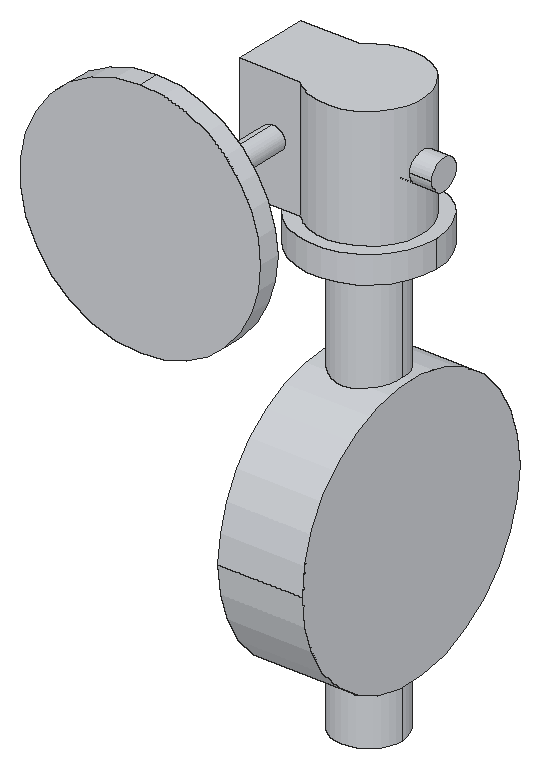
Revit family "HS497-68_disk-nerez_převodové kolo DN125-RFA_2018", category Pipe Accessories, Revit 2018
Family settings
  Round Connector Dimension = Use Diameter
  Part Type = Valve - Breaks Into
  Work Plane-Based = No
  Always vertical = Yes
  Cut with Voids When Loaded = No
  Shared = No
Parameters (values of type "HS 497-68_DN125_PN16_převodové kolo")
  magiProductId = "c56b7c13f372467684996fb1e0e229"
  magiProductFamilyId = "53cea81e6f374d17b8841d9c72ad77"
  magiPartTypeId = 305
  isMeasuringValve [instance] = no
  ang2D [instance] = 0.00°
  X11 = 61.456 mm
  X1 = 25.456 mm
  W2D = 1000 mm
  VersionID = "2.0/2017.9.26.1/ZETKAMA_497_001"
  Use Minimum Symbol Size [instance] = yes
  URL = "http://www.hydronic.cz"
  Type Comments = "mezipřírubová; nerezový disk; PN16; -10~+110°C (krátkodobě +120°C)"
  SW30 = yes
  SW3 = yes
  SW21 = no
  SW20 = no
  SW2 = no
  SW1 = no
  R = 62.5 mm
  QmdConnectorList = "301;D;302;D"
  Productdata [instance] = ""
  NC = 50 mm
  Manufacturer = "Hydronic Systems Prague s.r.o."
  MM20 = 25.456 mm
  MC Product Code = "126125 (nerezový disk, s převodovým kolem; DN125; PN16, kvs872)"
  M41 = 65.25 mm
  M4 = 43.5 mm
  LHL = 220 mm
  LHH3 = 2.45 mm
  LHH1 = 46.55 mm
  LH1 = 73.333 mm
  L4R__ve = -L4R  # -13.5 mm
  L4R = 13.5 mm
  L42__ve = -L42  # -101.25 mm
  L42 = 101.25 mm
  L41__ve = -L41  # -20.25 mm
  L41 = 20.25 mm
  L2D_Min = 3048 mm
  L2D = 216 mm
  L2 = 28 mm
  L1 = 44.8 mm
  L = 56 mm
  H = 33 mm
  G22 = 11.25 mm
  G2 = 22.5 mm
  G1 = 90 mm
  G = 90 mm
  F = 14 mm
  E44 = 40 mm
  E42 = 80 mm
  E4 = 160 mm
  E23 = 4.9 mm
  E22 = 19.6 mm
  E21 = 9.8 mm
  Description = "Mezipřírubová uzavírací klapka s převodovým kolem; nerezový disk, DN125; PN16; kvs872"
  DR2 = 62.5 mm
  DR = 180 mm
  DD1 = 20 mm
  DD = 16 mm
  D = 125 mm
  CAT0 = yes
  B2__ve = -B2  # -64 mm
  B2 = 64 mm
  A2 = 18 mm
  A1 = 99.5 mm
Types (43, lengths in mm): name | magiProductId | X11 | X1 | Type Comments | SW30 | SW3 | SW20 | SW2 | SW1 | R | NC | Manufacturer | MM20 | MC Product Code | M41 | M4 | LHL | LHH3 | LHH1 | LH1 | L4R__ve | L4R | L42__ve | L42 | L41__ve | L41 | L2 | L1 | L | H | G | F | E44 | E42 | E4 | E23 | E22 | E21 | Description | DR2 | DR | DD1 | DD | D | B2__ve | B2 | A2 | A1
  HS 497-68_DN100_PN16_volné vřeteno | "65d1b245f4f142c78569c0602d5754" | 61.456 | 25.456 | "mezipřírubová; nerezový disk; PN16; -10~+110°C (krátkodobě +120°C)" | no | no | no | no | yes | 50 | 50 | "Hydronic Systems Prague s.r.o." | 25.456 | "124 100 (nerezový disk, s volným vřetenem; DN100; PN16, kvs512)" | 66 | 44 | 220 | 2.45 | 46.55 | 73.333 | -12.8 | 12.8 | -96 | 96 | -19.2 | 19.2 | 26 | 41.6 | 52 | 30 | 90 | 11 | 31.25 | 62.5 | 125 | 4.9 | 19.6 | 9.8 | "Mezipřírubová uzavírací klapka s volným vřetenem; nerezový disk, DN100; PN16; kvs512" | 50 | 147 | 15.625 | 12.5 | 100 | -56 | 56 | 16.5 | 98.5
  HS 497-68_DN100_PN16_převodové kolo | "11e91b807e674d428c8e796fcdcfe2" | 61.456 | 25.456 | "mezipřírubová; nerezový disk; PN16; -10~+110°C (krátkodobě +120°C)" | yes | yes | no | no | no | 50 | 50 | "Hydronic Systems Prague s.r.o." | 25.456 | "126 100 (nerezový disk, s převodovým kolem; DN100; PN16, kvs512)" | 65.25 | 43.5 | 220 | 2.45 | 46.55 | 73.333 | -12.8 | 12.8 | -96 | 96 | -19.2 | 19.2 | 26 | 41.6 | 52 | 30 | 90 | 11 | 31.25 | 62.5 | 125 | 4.9 | 19.6 | 9.8 | "Mezipřírubová uzavírací klapka s převodovým kolem; nerezový disk, DN100; PN16; kvs512" | 50 | 147 | 15.625 | 12.5 | 100 | -56 | 56 | 16.5 | 98.5
  HS 497-68_DN100_PN16_s pákou | "28172f0b3f4b47b28323ac71cf8749" | 61.456 | 25.456 | "mezipřírubová; nerezový disk; PN16; -10~+110°C (krátkodobě +120°C)" | no | no | yes | yes | no | 50 | 50 | "Hydronic Systems Prague s.r.o." | 25.456 | "121 100 (nerezový disk, s pákou; DN100; PN16, kvs512)" | 66 | 44 | 260 | 3 | 57 | 86.667 | -12.8 | 12.8 | -96 | 96 | -19.2 | 19.2 | 26 | 41.6 | 52 | 30 | 90 | 11 | 31.25 | 62.5 | 125 | 6 | 24 | 12 | "Mezipřírubová uzavírací klapka s pákou; nerezový disk, DN100; PN16; kvs512" | 50 | 147 | 15.625 | 12.5 | 100 | -56 | 56 | 16.5 | 98.5
  HS 497-68_DN125_PN16_volné vřeteno | "0d813d910fc14f628bb3c2efbd185c" | 61.456 | 25.456 | "mezipřírubová; nerezový disk; PN16; -10~+110°C (krátkodobě +120°C)" | no | no | no | no | yes | 62.5 | 50 | "Hydronic Systems Prague s.r.o." | 25.456 | "124 125 (nerezový disk, s volným vřetenem; DN125; PN16, kvs872)" | 66 | 44 | 220 | 2.45 | 46.55 | 73.333 | -12.8 | 12.8 | -96 | 96 | -19.2 | 19.2 | 28 | 44.8 | 56 | 33 | 90 | 14 | 31.25 | 62.5 | 125 | 4.9 | 19.6 | 9.8 | "Mezipřírubová uzavírací klapka s volným vřetenem; nerezový disk, DN125; PN16; kvs872" | 62.5 | 180 | 15.625 | 12.5 | 125 | -64 | 64 | 18 | 99.5
  HS 497-68_DN125_PN16_převodové kolo | "c56b7c13f372467684996fb1e0e229" | 61.456 | 25.456 | "mezipřírubová; nerezový disk; PN16; -10~+110°C (krátkodobě +120°C)" | yes | yes | no | no | no | 62.5 | 50 | "Hydronic Systems Prague s.r.o." | 25.456 | "126125 (nerezový disk, s převodovým kolem; DN125; PN16, kvs872)" | 65.25 | 43.5 | 220 | 2.45 | 46.55 | 73.333 | -13.5 | 13.5 | -101.25 | 101.25 | -20.25 | 20.25 | 28 | 44.8 | 56 | 33 | 90 | 14 | 40 | 80 | 160 | 4.9 | 19.6 | 9.8 | "Mezipřírubová uzavírací klapka s převodovým kolem; nerezový disk, DN125; PN16; kvs872" | 62.5 | 180 | 20 | 16 | 125 | -64 | 64 | 18 | 99.5
  HS 497-68_DN125_PN16_s pákou | "105993c79a91492399feef7931321a" | 61.456 | 25.456 | "mezipřírubová; nerezový disk; PN16; -10~+110°C (krátkodobě +120°C)" | no | no | yes | yes | no | 62.5 | 50 | "Hydronic Systems Prague s.r.o." | 25.456 | "121 125 (nerezový disk, s pákou; DN125; PN16, kvs872)" | 66 | 44 | 315 | 3.75 | 71.25 | 105 | -12.8 | 12.8 | -96 | 96 | -19.2 | 19.2 | 28 | 44.8 | 56 | 33 | 90 | 14 | 31.25 | 62.5 | 125 | 7.5 | 30 | 15 | "Mezipřírubová uzavírací klapka s pákou; nerezový disk, DN125; PN16; kvs872" | 62.5 | 180 | 15.625 | 12.5 | 125 | -64 | 64 | 18 | 99.5
  HS 497-68_DN150_PN16_volné vřeteno | "50c80cb8ab434f55ab7796e5ac1331" | 61.456 | 25.456 | "mezipřírubová; nerezový disk; PN16; -10~+110°C (krátkodobě +120°C)" | no | no | no | no | yes | 75 | 50 | "Hydronic Systems Prague s.r.o." | 25.456 | "124 150 (nerezový disk, s volným vřetenem; DN150; PN16, kvs1347)" | 66 | 44 | 220 | 2.45 | 46.55 | 73.333 | -12.8 | 12.8 | -96 | 96 | -19.2 | 19.2 | 28 | 44.8 | 56 | 33 | 90 | 14 | 31.25 | 62.5 | 125 | 4.9 | 19.6 | 9.8 | "Mezipřírubová uzavírací klapka s volným vřetenem; nerezový disk, DN150; PN16; kvs1347" | 75 | 206 | 15.625 | 12.5 | 150 | -58 | 58 | 19.3 | 98.7
  HS 497-68_DN150_PN16_převodové kolo | "d94a1a0cf83b476eb10011b327f709" | 61.456 | 25.456 | "mezipřírubová; nerezový disk; PN16; -10~+110°C (krátkodobě +120°C)" | yes | yes | no | no | no | 75 | 50 | "Hydronic Systems Prague s.r.o." | 25.456 | "126 150 (nerezový disk, s převodovým kolem; DN150; PN16, kvs1347)" | 65.25 | 43.5 | 220 | 2.45 | 46.55 | 73.333 | -13.5 | 13.5 | -101.25 | 101.25 | -20.25 | 20.25 | 28 | 44.8 | 56 | 33 | 90 | 14 | 40 | 80 | 160 | 4.9 | 19.6 | 9.8 | "Mezipřírubová uzavírací klapka s převodovým kolem; nerezový disk, DN150; PN16; kvs1347" | 75 | 206 | 20 | 16 | 150 | -58 | 58 | 19.3 | 98.7
  HS 497-68_DN150_PN16_s pákou | "4d2835523fe84828bc50ff0a5a0dfb" | 61.456 | 25.456 | "mezipřírubová; nerezový disk; PN16; -10~+110°C (krátkodobě +120°C)" | no | no | yes | yes | no | 75 | 50 | "Hydronic Systems Prague s.r.o." | 25.456 | "121 150 (nerezový disk, s pákou; DN150; PN16, kvs1347)" | 66 | 44 | 315 | 3.75 | 71.25 | 105 | -12.8 | 12.8 | -96 | 96 | -19.2 | 19.2 | 28 | 44.8 | 56 | 33 | 90 | 14 | 31.25 | 62.5 | 125 | 7.5 | 30 | 15 | "Mezipřírubová uzavírací klapka s pákou; nerezový disk, DN150; PN16; kvs1347" | 75 | 206 | 15.625 | 12.5 | 150 | -58 | 58 | 19.3 | 98.7
  HS 497-68_DN200_PN16_volné vřeteno | "5b29029eaeba47139ee1055a4b9201" | 61.456 | 25.456 | "mezipřírubová; nerezový disk; PN16; -10~+110°C (krátkodobě +120°C)" | no | no | no | no | yes | 100 | 50 | "Hydronic Systems Prague s.r.o." | 25.456 | "124 200 (nerezový disk, s volným vřetenem; DN200; PN16, kvs2675)" | 66 | 44 | 220 | 2.45 | 46.55 | 73.333 | -12.8 | 12.8 | -96 | 96 | -19.2 | 19.2 | 30 | 48 | 60 | 33 | 90 | 17 | 31.25 | 62.5 | 125 | 4.9 | 19.6 | 9.8 | "Mezipřírubová uzavírací klapka s volným vřetenem; nerezový disk, DN200; PN16; kvs2675" | 100 | 257 | 15.625 | 12.5 | 200 | -70 | 70 | 22.5 | 102.5
  HS 497-68_DN200_PN16_převodové kolo | "b2793cc1fcc44cf2a35062cd67c04f" | 61.456 | 25.456 | "mezipřírubová; nerezový disk; PN16; -10~+110°C (krátkodobě +120°C)" | yes | yes | no | no | no | 100 | 57 | "Hydronic Systems Prague s.r.o." | 25.456 | "126 200 (nerezový disk, s převodovým kolem; DN200; PN16, kvs2675)" | 78.75 | 52.5 | 220 | 2.45 | 46.55 | 73.333 | -15.2 | 15.2 | -114 | 114 | -22.8 | 22.8 | 30 | 48 | 60 | 33 | 90 | 17 | 50 | 100 | 200 | 4.9 | 19.6 | 9.8 | "Mezipřírubová uzavírací klapka s převodovým kolem; nerezový disk, DN200; PN16; kvs2675" | 100 | 257 | 25 | 20 | 200 | -70 | 70 | 22.5 | 102.5
  HS 497-68_DN200_PN16_s pákou | "f88d96c7af224537a51e72d7d8fffe" | 61.456 | 25.456 | "mezipřírubová; nerezový disk; PN16; -10~+110°C (krátkodobě +120°C)" | no | no | yes | yes | no | 100 | 50 | "Hydronic Systems Prague s.r.o." | 25.456 | "121 200 (nerezový disk, s pákou; DN200; PN16, kvs2675)" | 66 | 44 | 315 | 3.75 | 71.25 | 105 | -12.8 | 12.8 | -96 | 96 | -19.2 | 19.2 | 30 | 48 | 60 | 33 | 90 | 17 | 31.25 | 62.5 | 125 | 7.5 | 30 | 15 | "Mezipřírubová uzavírací klapka s pákou; nerezový disk, DN200; PN16; kvs2675" | 100 | 257 | 15.625 | 12.5 | 200 | -70 | 70 | 22.5 | 102.5
  HS 497-68_DN250_PN16_volné vřeteno | "b662e8305ca2402b9c510e66e6aa55" | 88.77 | 36.77 | "mezipřírubová; nerezový disk; PN16; -10~+110°C (krátkodobě +120°C)" | no | no | no | no | yes | 125 | 50 | "Hydronic Systems Prague s.r.o." | 36.77 | "124 250 (nerezový disk, s volným vřetenem; DN250; PN16, kvs4555)" | 66 | 44 | 220 | 2.45 | 46.55 | 73.333 | -12.8 | 12.8 | -96 | 96 | -19.2 | 19.2 | 34 | 54.4 | 68 | 23 | 130 | 22 | 31.25 | 62.5 | 125 | 4.9 | 19.6 | 9.8 | "Mezipřírubová uzavírací klapka s volným vřetenem; nerezový disk, DN250; PN16; kvs4555" | 125 | 324 | 15.625 | 12.5 | 250 | -85 | 85 | 28.25 | 129.25
  HS 497-68_DN250_PN16_převodové kolo | "5ee9016806664ddfaa2632711f295c" | 88.77 | 36.77 | "mezipřírubová; nerezový disk; PN16; -10~+110°C (krátkodobě +120°C)" | yes | yes | no | no | no | 125 | 70 | "Hydronic Systems Prague s.r.o." | 36.77 | "126 250 (nerezový disk, s převodovým kolem; DN250; PN16, kvs4555)" | 91.5 | 61 | 220 | 2.45 | 46.55 | 73.333 | -22.2 | 22.2 | -166.5 | 166.5 | -33.3 | 33.3 | 34 | 54.4 | 68 | 23 | 130 | 22 | 62.5 | 125 | 250 | 4.9 | 19.6 | 9.8 | "Mezipřírubová uzavírací klapka s převodovým kolem; nerezový disk, DN250; PN16; kvs4555" | 125 | 324 | 31.25 | 25 | 250 | -85 | 85 | 28.25 | 129.25
  HS 497-68_DN300_PN16_volné vřeteno | "e1886f51ff004380a649519258edf2" | 88.77 | 36.77 | "mezipřírubová; nerezový disk; PN16; -10~+110°C (krátkodobě +120°C)" | no | no | no | no | yes | 150 | 50 | "Hydronic Systems Prague s.r.o." | 36.77 | "124 300 (nerezový disk, s volným vřetenem; DN300; PN16, kvs7037)" | 66 | 44 | 220 | 2.45 | 46.55 | 73.333 | -12.8 | 12.8 | -96 | 96 | -19.2 | 19.2 | 39 | 62.4 | 78 | 23 | 130 | 22 | 31.25 | 62.5 | 125 | 4.9 | 19.6 | 9.8 | "Mezipřírubová uzavírací klapka s volným vřetenem; nerezový disk, DN300; PN16; kvs7037" | 150 | 376 | 15.625 | 12.5 | 300 | -90 | 90 | 30.8 | 127.2
  HS 497-68_DN300_PN16_převodové kolo | "6860f094f77d42088fbebc3c97f755" | 88.77 | 36.77 | "mezipřírubová; nerezový disk; PN16; -10~+110°C (krátkodobě +120°C)" | yes | yes | no | no | no | 150 | 70 | "Hydronic Systems Prague s.r.o." | 36.77 | "126 300 (nerezový disk, s převodovým kolem; DN300; PN16, kvs7037)" | 91.5 | 61 | 220 | 2.45 | 46.55 | 73.333 | -22.2 | 22.2 | -166.5 | 166.5 | -33.3 | 33.3 | 39 | 62.4 | 78 | 23 | 130 | 22 | 62.5 | 125 | 250 | 4.9 | 19.6 | 9.8 | "Mezipřírubová uzavírací klapka s převodovým kolem; nerezový disk, DN300; PN16; kvs7037" | 150 | 376 | 31.25 | 25 | 300 | -90 | 90 | 30.8 | 127.2
  HS 497-68_DN032_PN16_volné vřeteno | "8c5f65de52aa4067a77564107e31b2" | 61.456 | 25.456 | "mezipřírubová; nerezový disk; PN16; -10~+110°C (krátkodobě +120°C)" | no | no | no | no | yes | 16 | 50 | "Hydronic Systems Prague s.r.o." | 25.456 | "124 032 (nerezový disk, s volným vřetenem; DN32; PN16, kvs78)" | 66 | 44 | 220 | 2.45 | 46.55 | 73.333 | -12.8 | 12.8 | -96 | 96 | -19.2 | 19.2 | 16.5 | 26.4 | 33 | 30 | 90 | 11 | 31.25 | 62.5 | 125 | 4.9 | 19.6 | 9.8 | "Mezipřírubová uzavírací klapka s volným vřetenem; nerezový disk, DN32; PN16; kvs78" | 16 | 68 | 15.625 | 12.5 | 32 | -44.2 | 44.2 | 10.25 | 76.25
  HS 497-68_DN032_PN16_převodové kolo | "60aaeffa8b3a4e809ef000e4660060" | 61.456 | 25.456 | "mezipřírubová; nerezový disk; PN16; -10~+110°C (krátkodobě +120°C)" | yes | yes | no | no | no | 16 | 50 | "Hydronic Systems Prague s.r.o." | 25.456 | "126 032 (nerezový disk, s převodovým kolem; DN32; PN16, kvs78)" | 65.25 | 43.5 | 220 | 2.45 | 46.55 | 73.333 | -12.8 | 12.8 | -96 | 96 | -19.2 | 19.2 | 16.5 | 26.4 | 33 | 30 | 90 | 11 | 31.25 | 62.5 | 125 | 4.9 | 19.6 | 9.8 | "Mezipřírubová uzavírací klapka s převodovým kolem; nerezový disk, DN32; PN16; kvs78" | 16 | 68 | 15.625 | 12.5 | 32 | -44.2 | 44.2 | 10.25 | 76.25
  HS 497-68_DN032_PN16_s pákou | "9ad8088d610749a1b871aa2aad8007" | 61.456 | 25.456 | "mezipřírubová; nerezový disk; PN16; -10~+110°C (krátkodobě +120°C)" | no | no | yes | yes | no | 16 | 50 | "Hydronic Systems Prague s.r.o." | 25.456 | "121 032 (nerezový disk, s pákou; DN32; PN16, kvs78)" | 66 | 44 | 220 | 2.45 | 46.55 | 73.333 | -12.8 | 12.8 | -96 | 96 | -19.2 | 19.2 | 16.5 | 26.4 | 33 | 30 | 90 | 11 | 31.25 | 62.5 | 125 | 4.9 | 19.6 | 9.8 | "Mezipřírubová uzavírací klapka s pákou; nerezový disk, DN32; PN16; kvs78" | 16 | 68 | 15.625 | 12.5 | 32 | -44.2 | 44.2 | 10.25 | 76.25
  HS 497-68_DN350_PN10_volné vřeteno | "72a1e05f22944421b7e9596a877137" | 109.255 | 45.255 | "mezipřírubová; nerezový disk; PN10; -10~+110°C (krátkodobě +120°C)" | no | no | no | no | yes | 175 | 50 | "Hydronic Systems Prague s.r.o." | 45.255 | "124 350 (nerezový disk, s volným vřetenem; DN350; PN10, kvs10165)" | 66 | 44 | 220 | 2.45 | 46.55 | 73.333 | -12.8 | 12.8 | -96 | 96 | -19.2 | 19.2 | 39 | 62.4 | 78 | 31 | 160 | 22 | 31.25 | 62.5 | 125 | 4.9 | 19.6 | 9.8 | "Mezipřírubová uzavírací klapka s volným vřetenem; nerezový disk, DN350; PN10; kvs10165" | 175 | 430 | 15.625 | 12.5 | 350 | -88 | 88 | 33.85 | 129.65
  HS 497-68_DN350_PN10_převodové kolo | "a5a01426cb28494ba3afca92f1dace" | 109.255 | 45.255 | "mezipřírubová; nerezový disk; PN10; -10~+110°C (krátkodobě +120°C)" | yes | yes | no | no | no | 175 | 70 | "Hydronic Systems Prague s.r.o." | 45.255 | "126 350 (nerezový disk, s převodovým kolem; DN350; PN10, kvs10165)" | 91.5 | 61 | 220 | 2.45 | 46.55 | 73.333 | -22.2 | 22.2 | -166.5 | 166.5 | -33.3 | 33.3 | 39 | 62.4 | 78 | 31 | 160 | 22 | 62.5 | 125 | 250 | 4.9 | 19.6 | 9.8 | "Mezipřírubová uzavírací klapka s převodovým kolem; nerezový disk, DN350; PN10; kvs10165" | 175 | 430 | 31.25 | 25 | 350 | -88 | 88 | 33.85 | 129.65
  HS 497-68_DN400_PN10_volné vřeteno | "c70ebeb927c04ab99b176e257ad0a7" | 109.255 | 45.255 | "mezipřírubová; nerezový disk; PN10; -10~+110°C (krátkodobě +120°C)" | no | no | no | no | yes | 200 | 50 | "Hydronic Systems Prague s.r.o." | 45.255 | "124 400 (nerezový disk, s volným vřetenem; DN400; PN10, kvs13799)" | 66 | 44 | 220 | 2.45 | 46.55 | 73.333 | -12.8 | 12.8 | -96 | 96 | -19.2 | 19.2 | 51 | 81.6 | 102 | 31 | 160 | 27 | 31.25 | 62.5 | 125 | 4.9 | 19.6 | 9.8 | "Mezipřírubová uzavírací klapka s volným vřetenem; nerezový disk, DN400; PN10; kvs13799" | 200 | 485 | 15.625 | 12.5 | 400 | -108 | 108 | 38 | 142
  HS 497-68_DN400_PN10_převodové kolo | "cc64a4384dcb41b780d81810f4f293" | 109.255 | 45.255 | "mezipřírubová; nerezový disk; PN10; -10~+110°C (krátkodobě +120°C)" | yes | yes | no | no | no | 200 | 72.5 | "Hydronic Systems Prague s.r.o." | 45.255 | "126 400 (nerezový disk, s převodovým kolem; DN400; PN10, kvs13799)" | 103.5 | 69 | 220 | 2.45 | 46.55 | 73.333 | -27.8 | 27.8 | -208.5 | 208.5 | -41.7 | 41.7 | 51 | 81.6 | 102 | 31 | 160 | 27 | 75 | 150 | 300 | 4.9 | 19.6 | 9.8 | "Mezipřírubová uzavírací klapka s převodovým kolem; nerezový disk, DN400; PN10; kvs13799" | 200 | 485 | 37.5 | 30 | 400 | -108 | 108 | 38 | 142
  HS 497-68_DN040_PN16_volné vřeteno | "35f92312390745e88df5b5c325d9ee" | 61.456 | 25.456 | "mezipřírubová; nerezový disk; PN16; -10~+110°C (krátkodobě +120°C)" | no | no | no | no | yes | 20 | 50 | "Hydronic Systems Prague s.r.o." | 25.456 | "124 040 (nerezový disk, s volným vřetenem; DN40; PN16, kvs78)" | 66 | 44 | 220 | 2.45 | 46.55 | 73.333 | -12.8 | 12.8 | -96 | 96 | -19.2 | 19.2 | 16.5 | 26.4 | 33 | 30 | 90 | 11 | 31.25 | 62.5 | 125 | 4.9 | 19.6 | 9.8 | "Mezipřírubová uzavírací klapka s volným vřetenem; nerezový disk, DN40; PN16; kvs78" | 20 | 76 | 15.625 | 12.5 | 40 | -36 | 36 | 11 | 79
  HS 497-68_DN040_PN16_převodové kolo | "d88e968eae3445bc9b7b4e6ff35127" | 61.456 | 25.456 | "mezipřírubová; nerezový disk; PN16; -10~+110°C (krátkodobě +120°C)" | yes | yes | no | no | no | 20 | 50 | "Hydronic Systems Prague s.r.o." | 25.456 | "126 040 (nerezový disk, s převodovým kolem; DN40; PN16, kvs78)" | 65.25 | 43.5 | 220 | 2.45 | 46.55 | 73.333 | -12.8 | 12.8 | -96 | 96 | -19.2 | 19.2 | 16.5 | 26.4 | 33 | 30 | 90 | 11 | 31.25 | 62.5 | 125 | 4.9 | 19.6 | 9.8 | "Mezipřírubová uzavírací klapka s převodovým kolem; nerezový disk, DN40; PN16; kvs78" | 20 | 76 | 15.625 | 12.5 | 40 | -36 | 36 | 11 | 79
  HS 497-68_DN040_PN16_s pákou | "c1b522ca65b4407a98818f232eaacb" | 61.456 | 25.456 | "mezipřírubová; nerezový disk; PN16; -10~+110°C (krátkodobě +120°C)" | no | no | yes | yes | no | 20 | 50 | "Hydronic Systems Prague s.r.o." | 25.456 | "121 040 (nerezový disk, s pákou; DN40; PN16, kvs78)" | 66 | 44 | 220 | 2.45 | 46.55 | 73.333 | -12.8 | 12.8 | -96 | 96 | -19.2 | 19.2 | 16.5 | 26.4 | 33 | 30 | 90 | 11 | 31.25 | 62.5 | 125 | 4.9 | 19.6 | 9.8 | "Mezipřírubová uzavírací klapka s pákou; nerezový disk, DN40; PN16; kvs78" | 20 | 76 | 15.625 | 12.5 | 40 | -36 | 36 | 11 | 79
  HS 497-68_DN450_PN10_volné vřeteno | "a8358bc282f14872b3194e530e590a" | 129.74 | 53.74 | "mezipřírubová; nerezový disk; PN10; -10~+110°C (krátkodobě +120°C)" | no | no | no | no | yes | 225 | 50 | "Hydronic Systems Prague s.r.o." | 53.74 | "124 450 (nerezový disk, s volným vřetenem; DN450; PN10, kvs18514)" | 66 | 44 | 220 | 2.45 | 46.55 | 73.333 | -12.8 | 12.8 | -96 | 96 | -19.2 | 19.2 | 57 | 91.2 | 114 | 38 | 190 | 36 | 31.25 | 62.5 | 125 | 4.9 | 19.6 | 9.8 | "Mezipřírubová uzavírací klapka s volným vřetenem; nerezový, DN450; PN10; kvs18514" | 225 | 536 | 15.625 | 12.5 | 450 | -115 | 115 | 38.05 | 117.45
  HS 497-68_DN450_PN10_převodové kolo | "cdf2d80f54a9414f9cbe50647c0ebd" | 129.74 | 53.74 | "mezipřírubová; nerezový disk; PN10; -10~+110°C (krátkodobě +120°C)" | yes | yes | no | no | no | 225 | 91.5 | "Zetkama" | 53.74 | "126 450 (nerezový disk, s převodovým kolem; DN450; PN10, kvs18514)" | 144.75 | 96.5 | 220 | 2.45 | 46.55 | 73.333 | -32.1 | 32.1 | -240.75 | 240.75 | -48.15 | 48.15 | 57 | 91.2 | 114 | 38 | 190 | 36 | 100 | 200 | 400 | 4.9 | 19.6 | 9.8 | "Mezipřírubová uzavírací klapka s převodovým kolem; nerezový disk, DN450; PN10; kvs18514" | 225 | 536 | 50 | 40 | 450 | -115 | 115 | 38.05 | 117.45
  HS 497-68_DN500_PN10_volné vřeteno | "8c396e27bb2743f98f3c762b6517cd" | 143.397 | 59.397 | "mezipřírubová; nerezový disk; PN10; -10~+110°C (krátkodobě +120°C)" | no | no | no | no | yes | 250 | 50 | "Hydronic Systems Prague s.r.o." | 59.397 | "124 500 (nerezový disk, s volným vřetenem; DN500; PN10, kvs23805)" | 66 | 44 | 220 | 2.45 | 46.55 | 73.333 | -12.8 | 12.8 | -96 | 96 | -19.2 | 19.2 | 63.5 | 101.6 | 127 | 38 | 210 | 36 | 31.25 | 62.5 | 125 | 4.9 | 19.6 | 9.8 | "Mezipřírubová uzavírací klapka s volným vřetenem; nerezový disk, DN500; PN10; kvs23805" | 250 | 593 | 15.625 | 12.5 | 500 | -130 | 130 | 43.25 | 139.25
  HS 497-68_DN500_PN10_převodové kolo | "7647804f32e94cef828a7034a91a46" | 143.397 | 59.397 | "mezipřírubová; nerezový disk; PN10; -10~+110°C (krátkodobě +120°C)" | yes | yes | no | no | no | 250 | 91.5 | "Zetkama" | 59.397 | "126 500 (nerezový disk, s převodovým kolem; DN500; PN10, kvs23805)" | 144.75 | 96.5 | 220 | 2.45 | 46.55 | 73.333 | -32.1 | 32.1 | -240.75 | 240.75 | -48.15 | 48.15 | 63.5 | 101.6 | 127 | 38 | 210 | 36 | 100 | 200 | 400 | 4.9 | 19.6 | 9.8 | "Mezipřírubová uzavírací klapka s převodovým kolem; nerezový disk, DN500; PN10; kvs23805" | 250 | 593 | 50 | 40 | 500 | -130 | 130 | 43.25 | 139.25
  HS 497-68_DN050_volné vřeteno | "d71f296ecd6d4adf8f6e5d9853b4e0" | 61.456 | 25.456 | "mezipřírubová; nerezový disk; PN16; -10~+110°C (krátkodobě +120°C)" | no | no | no | no | yes | 25 | 50 | "Hydronic Systems Prague s.r.o." | 25.456 | "124 050 (nerezový disk, s volným vřetenem; DN50; PN16, kvs98)" | 66 | 44 | 220 | 2.45 | 46.55 | 73.333 | -12.8 | 12.8 | -96 | 96 | -19.2 | 19.2 | 21.5 | 34.4 | 43 | 30 | 90 | 11 | 31.25 | 62.5 | 125 | 4.9 | 19.6 | 9.8 | "Mezipřírubová uzavírací klapka s volným vřetenem; nerezový disk, DN50; PN16; kvs98" | 25 | 100 | 15.625 | 12.5 | 50 | -36.5 | 36.5 | 12 | 83
  HS 497-68_DN050_PN16_převodové kolo | "2fb080deeaed49c58418b94c1da5a4" | 61.456 | 25.456 | "mezipřírubová; nerezový disk; PN16; -10~+110°C (krátkodobě +120°C)" | yes | yes | no | no | no | 25 | 50 | "Hydronic Systems Prague s.r.o." | 25.456 | "126 050 (nerezový disk, s převodovým kolem; DN50; PN16, kvs98)" | 65.25 | 43.5 | 220 | 2.45 | 46.55 | 73.333 | -12.8 | 12.8 | -96 | 96 | -19.2 | 19.2 | 21.5 | 34.4 | 43 | 30 | 90 | 11 | 31.25 | 62.5 | 125 | 4.9 | 19.6 | 9.8 | "Mezipřírubová uzavírací klapka s převodovým kolem; nerezový disk, DN50; PN16; kvs98" | 25 | 100 | 15.625 | 12.5 | 50 | -36.5 | 36.5 | 12 | 83
  HS 497-68_DN050_PN16_s pákou | "dabc632061f94877a994b9b4e68112" | 61.456 | 25.456 | "mezipřírubová; nerezový disk; PN16; -10~+110°C (krátkodobě +120°C)" | no | no | yes | yes | no | 25 | 50 | "Hydronic Systems Prague s.r.o." | 25.456 | "121 050 (nerezový disk, s pákou; DN50; PN16, kvs98)" | 66 | 44 | 220 | 2.45 | 46.55 | 73.333 | -12.8 | 12.8 | -96 | 96 | -19.2 | 19.2 | 21.5 | 34.4 | 43 | 30 | 90 | 11 | 31.25 | 62.5 | 125 | 4.9 | 19.6 | 9.8 | "Mezipřírubová uzavírací klapka s pákou; nerezový disk, DN50; PN16; kvs98" | 25 | 100 | 15.625 | 12.5 | 50 | -36.5 | 36.5 | 12 | 83
  HS 497-68_DN600_PN10_volné vřeteno | "99d5892c14664fce81a7c5903f7711" | 143.397 | 59.397 | "mezipřírubová; nerezový disk; PN10; -10~+110°C (krátkodobě +120°C)" | no | no | no | no | yes | 300 | 50 | "Hydronic Systems Prague s.r.o." | 59.397 | "124 600 (nerezový disk, s volným vřetenem; DN600; PN10, kvs36778)" | 66 | 44 | 220 | 2.45 | 46.55 | 73.333 | -12.8 | 12.8 | -96 | 96 | -19.2 | 19.2 | 77 | 123.2 | 154 | 80 | 210 | 60 | 31.25 | 62.5 | 125 | 4.9 | 19.6 | 9.8 | "Mezipřírubová uzavírací klapka s volným vřetenem; nerezový disk, DN600; PN10; kvs36788" | 300 | 690 | 15.625 | 12.5 | 600 | -140 | 140 | 49.4 | 144.6
  HS 497-68_DN600_PN10_převodové kolo | "b1e26faab48a4c499f6bb11e7e3002" | 143.397 | 59.397 | "mezipřírubová; lnerezový disk; PN10; -10~+110°C (krátkodobě +120°C)" | yes | yes | no | no | no | 300 | 140 | "Hydronic Systems Prague s.r.o." | 59.397 | "126 600 (nerezový disk, s převodovým kolem; DN600; PN10, kvs36778)" | 206.25 | 137.5 | 220 | 2.45 | 46.55 | 73.333 | -40.8 | 40.8 | -306 | 306 | -61.2 | 61.2 | 77 | 123.2 | 154 | 80 | 210 | 60 | 125 | 250 | 500 | 4.9 | 19.6 | 9.8 | "Mezipřírubová uzavírací klapka s převodovým kolem; nerezový disk, DN600; PN10; kvs36788" | 300 | 690 | 62.5 | 50 | 600 | -140 | 140 | 49.4 | 144.6
  HS 497-68_DN065_PN16_volné vřeteno | "5e5e208646e34ec29f889baab5d08e" | 61.456 | 25.456 | "mezipřírubová; lnerezový disk; PN16; -10~+110°C (krátkodobě +120°C)" | no | no | no | no | yes | 32.5 | 50 | "Hydronic Systems Prague s.r.o." | 25.456 | "124 065 (nerezový disk, s volným vřetenem; DN65; PN16, kvs167)" | 66 | 44 | 220 | 2.45 | 46.55 | 73.333 | -12.8 | 12.8 | -96 | 96 | -19.2 | 19.2 | 23 | 36.8 | 46 | 30 | 90 | 11 | 31.25 | 62.5 | 125 | 4.9 | 19.6 | 9.8 | "Mezipřírubová uzavírací klapka s volným vřetenem; nerezový disk, DN65; PN16; kv167" | 32.5 | 108 | 15.625 | 12.5 | 65 | -36.5 | 36.5 | 13.5 | 89
  HS 497-68_DN065_PN16_převodové kolo | "654d74c8d15540b0bfe523d988ccb3" | 61.456 | 25.456 | "mezipřírubová; nerezový disk; PN16; -10~+110°C (krátkodobě +120°C)" | yes | yes | no | no | no | 32.5 | 50 | "Hydronic Systems Prague s.r.o." | 25.456 | "126 065 (nerezový disk, s převodovým kolem; DN65; PN16, kvs167)" | 65.25 | 43.5 | 220 | 2.45 | 46.55 | 73.333 | -12.8 | 12.8 | -96 | 96 | -19.2 | 19.2 | 23 | 36.8 | 46 | 30 | 90 | 11 | 31.25 | 62.5 | 125 | 4.9 | 19.6 | 9.8 | "Mezipřírubová uzavírací klapka s převodovým kolem; nerezový disk, DN65; PN16; kvs167" | 32.5 | 108 | 15.625 | 12.5 | 65 | -36.5 | 36.5 | 13.5 | 89
  HS 497-68_DN065_PN16_s pákou | "ebeb4b59db0641caaf6d6635ab37b9" | 61.456 | 25.456 | "mezipřírubová; nerezový disk; PN16; -10~+110°C (krátkodobě +120°C)" | no | no | yes | yes | no | 32.5 | 50 | "Hydronic Systems Prague s.r.o." | 25.456 | "121 065 (nerezový disk, s pákou; DN65; PN16, kvs167)" | 66 | 44 | 220 | 2.45 | 46.55 | 73.333 | -12.8 | 12.8 | -96 | 96 | -19.2 | 19.2 | 23 | 36.8 | 46 | 30 | 90 | 11 | 31.25 | 62.5 | 125 | 4.9 | 19.6 | 9.8 | "Mezipřírubová uzavírací klapka s pákou; nerezový disk, DN65; PN16; kvs167" | 32.5 | 108 | 15.625 | 12.5 | 65 | -36.5 | 36.5 | 13.5 | 89
  HS 497-68_DN080_PN16_volné vřeteno | "9e85c75c18654e1185a9c48ed6b00e" | 61.456 | 25.456 | "mezipřírubová; nerezový disk; PN16; -10~+110°C (krátkodobě +120°C)" | no | no | no | no | yes | 40 | 50 | "Hydronic Systems Prague s.r.o." | 25.456 | "124 080 (nerezový disk, s volným vřetenem; DN80; PN16, kvs258)" | 66 | 44 | 220 | 2.45 | 46.55 | 73.333 | -12.8 | 12.8 | -96 | 96 | -19.2 | 19.2 | 23 | 36.8 | 46 | 30 | 90 | 11 | 31.25 | 62.5 | 125 | 4.9 | 19.6 | 9.8 | "Mezipřírubová uzavírací klapka s volným vřetenem; nerezový disk, DN80; PN16; kvs258" | 40 | 124 | 15.625 | 12.5 | 80 | -54 | 54 | 14.1 | 86.9
  HS 497-68_DN080_PN16_převodové kolo | "5b3c8238c3d041e68c75b199e7ea46" | 61.456 | 25.456 | "mezipřírubová; nerezový disk; PN16; -10~+110°C (krátkodobě +120°C)" | yes | yes | no | no | no | 40 | 50 | "Hydronic Systems Prague s.r.o." | 25.456 | "126 080 (nerezový disk, s převodovým kolem; DN80; PN16, kvs258)" | 65.25 | 43.5 | 220 | 2.45 | 46.55 | 73.333 | -12.8 | 12.8 | -96 | 96 | -19.2 | 19.2 | 23 | 36.8 | 46 | 30 | 90 | 11 | 31.25 | 62.5 | 125 | 4.9 | 19.6 | 9.8 | "Mezipřírubová uzavírací klapka s převodovým kolem; nerezový disk, DN80; PN16; kvs258" | 40 | 124 | 15.625 | 12.5 | 80 | -54 | 54 | 14.1 | 86.9
  HS 497-68_DN080_PN16_s pákou | "e414795fab0f4eccb99bc3572c5477" | 61.456 | 25.456 | "mezipřírubová; nerezový disk; PN16; -10~+110°C (krátkodobě +120°C)" | no | no | yes | yes | no | 40 | 50 | "Hydronic Systems Prague s.r.o." | 25.456 | "121 080 (nerezový disk, s pákou; DN80; PN16, kvs258)" | 66 | 44 | 260 | 3 | 57 | 86.667 | -12.8 | 12.8 | -96 | 96 | -19.2 | 19.2 | 23 | 36.8 | 46 | 30 | 90 | 11 | 31.25 | 62.5 | 125 | 6 | 24 | 12 | "Mezipřírubová uzavírací klapka s pákou; nerezový disk, DN80; PN16; kvs258" | 40 | 124 | 15.625 | 12.5 | 80 | -54 | 54 | 14.1 | 86.9
  HS 497-68_DN250_PN16_s pákou | "" | 88.77 | 36.77 | "mezipřírubová; nerezový disk; PN16; -10~+110°C (krátkodobě +120°C)" | no | no | yes | yes | no | 125 | 70 | "Hydronic Systems Prague s.r.o." | 36.77 | "121 250 (nerezový disk, s ákou; DN250; PN16, kvs4555)" | 91.5 | 61 | 220 | 2.45 | 46.55 | 73.333 | -22.2 | 22.2 | -166.5 | 166.5 | -33.3 | 33.3 | 34 | 54.4 | 68 | 23 | 130 | 22 | 62.5 | 125 | 250 | 4.9 | 19.6 | 9.8 | "Mezipřírubová uzavírací klapka s pákou; nerezový disk, DN250; PN16; kvs4555" | 125 | 324 | 31.25 | 25 | 250 | -85 | 85 | 28.25 | 129.25
  HS 497-68_DN300_PN16_s pákou | "" | 88.77 | 36.77 | "mezipřírubová; nerezový disk; PN16; -10~+110°C (krátkodobě +120°C)" | no | no | yes | yes | no | 150 | 70 | "Hydronic Systems Prague s.r.o." | 36.77 | "121 300 (nerezový disk, s pákou; DN300; PN16, kvs7037)" | 91.5 | 61 | 220 | 2.45 | 46.55 | 73.333 | -22.2 | 22.2 | -166.5 | 166.5 | -33.3 | 33.3 | 39 | 62.4 | 78 | 23 | 130 | 22 | 62.5 | 125 | 250 | 4.9 | 19.6 | 9.8 | "Mezipřírubová uzavírací klapka s pákou; nerezový disk, DN300; PN16; kvs7037" | 150 | 376 | 31.25 | 25 | 300 | -90 | 90 | 30.8 | 127.2
Reference planes
  plane 1 "Center (Front/Back)": y = 0
  plane 2 "XYPLANE": z = 0
  plane 3 "Center (Left/Right)": x = 0
  plane 4 "473": x = -25.456
  plane 5 "472": x = -65.25
  plane 6 "471": y = -25.456
  plane 7 "470": y = 25.456
  plane 8 "469": x = -43.5
  plane 9 "468": y = -121.5
  plane 10 "467": y = -101.25
  plane 11 "466": z = 220
  plane 12 "465": z = 226.55
  plane 13 "464": y = 145.417
  plane 14 "463": z = 216.75
  plane 15 "462": z = 199.6
  plane 16 "461": z = 209.4
  plane 17 "460": y = 72.083
  plane 18 "459": x = -11.25
  plane 19 "458": x = 11.25
  plane 20 "457": y = -6.25
  plane 21 "456": x = -17.5
  plane 22 "455": x = 17.5
  plane 23 "454": z = 214.3
  plane 24 "453": y = 62.083
  plane 25 "452": y = -11.25
  plane 26 "451": x = -22.5
  plane 27 "450": x = 22.5
  plane 28 "449": z = 194.7
  plane 29 "448": z = 189.8
  plane 30 "447": z = -62.5
  plane 31 "446": z = 180
  plane 32 "445": z = 162
  plane 33 "444": z = 62.5
  plane 34 "443": x = 28
  plane 35 "442": x = -28
  plane 36 "441": z = 0
  plane 37 "440": y = 0
  plane 38 "439": x = 0
  plane 39 "438": z = 229
  plane 40 "437": z = 214.3
  plane 41 "436": x = 13.7
  plane 42 "435": x = -13.7
  plane 43 "434": y = 220
Forms (mm)
  Extrusion 1, solid, visible <- "SW3"
    sketch origin (-750, 0, 180) x (1, 0, 0) y (0, 1, 0)
      loop
        line (684.75, 25.456) -> (684.75, -25.456) -> (724.544, -25.456)
        arc (724.544, -25.456) -> (786, 0) -> (724.544, 25.456) r 36
        line (724.544, 25.456) -> (684.75, 25.456)
    from 0 to 80 <- "E42"
  Extrusion 2, solid, visible <- "SW30"
    sketch origin (0, -750, 0) x (0, 1, 0) y (0, 0, 1)
      loop
        circle (750, 220) r 10
    from 0 to 50 <- "NC"
  Extrusion 3, solid, visible <- "SW30"
    sketch origin (750, -121.5, 0) x (-1, 0, 0) y (0, 0, 1)
      loop
        circle (793.5, 220) r 80
    from 0 to -13.5 <- "L4R__ve"
  Extrusion 4, solid, visible <- "SW3"
    sketch origin (750, -101.25, 0) x (-1, 0, 0) y (0, 0, 1)
      loop
        circle (793.5, 220) r 10
    from 0 to -20.25 <- "L41__ve"
  Extrusion 5, solid, visible <- "SW30"
    sketch origin (750, 0, 0) x (-1, 0, 0) y (0, 0, 1)
      loop
        circle (793.5, 220) r 8
    from 0 to -101.25 <- "L42__ve"
  Blend 6, solid, visible <- "SW21"
    base sketch origin (750, 72.083, 0) x (-1, 0, 0) y (0, 0, 1)
      loop
        line (761.25, 209.4) -> (738.75, 209.4) -> (738.75, 199.6) -> (761.25, 199.6) -> (761.25, 209.4)
    top sketch origin (750, 72.083, 0) x (-1, 0, 0) y (0, 0, 1)
      loop
        line (761.25, 226.55) -> (738.75, 226.55) -> (738.75, 216.75) -> (761.25, 216.75) -> (761.25, 226.55)
    from 0 to 73.333
  Blend 7, solid, visible <- "SW21"
    base sketch origin (750, 62.083, 0) x (-1, 0, 0) y (0, 0, 1)
      loop
        line (761.25, 214.3) -> (738.75, 214.3) -> (738.75, 194.7) -> (761.25, 194.7) -> (761.25, 214.3)
    top sketch origin (750, 62.083, 0) x (-1, 0, 0) y (0, 0, 1)
      loop
        line (761.25, 209.4) -> (738.75, 209.4) -> (738.75, 199.6) -> (761.25, 199.6) -> (761.25, 209.4)
    from 0 to 10
  Blend 8, solid, visible <- "SW21"
    base sketch origin (-750, 0, 194.7) x (1, 0, 0) y (0, 1, 0)
      loop
        line (772.5, 62.083) -> (727.5, 62.083) -> (727.5, -11.25)
        arc (727.5, -11.25) -> (750, -31.25) -> (772.5, -11.25) r 22.656
        line (772.5, -11.25) -> (772.5, 62.083)
    top sketch origin (-750, 0, 194.7) x (1, 0, 0) y (0, 1, 0)
      loop
        line (767.5, 62.083) -> (732.5, 62.083) -> (732.5, -6.25)
        arc (732.5, -6.25) -> (750, -26.25) -> (767.5, -6.25) r 17.656
        line (767.5, -6.25) -> (767.5, 62.083)
    from 0 to 19.6
  Extrusion 9, solid, visible <- "SW2"
    sketch origin (-750, 0, 189.8) x (1, 0, 0) y (0, 1, 0)
      loop
        circle (750, 0) r 11.25
    from 0 to 4.9 <- "E23"
  Extrusion 10, solid, visible <- "SW2"
    sketch origin (-750, 0, 180) x (1, 0, 0) y (0, 1, 0)
      loop
        circle (750, 0) r 45
    from 0 to 9.8 <- "E21"
  Extrusion 11, solid, visible <- "CAT0"
    sketch origin (-750, 0, -62.5) x (1, 0, 0) y (0, 1, 0)
      loop
        circle (750, 0) r 22.4
    from 0 to -64 <- "B2__ve"
  Extrusion 12, solid, visible <- "CAT0"
    sketch origin (-750, 0, 162) x (1, 0, 0) y (0, 1, 0)
      loop
        circle (750, 0) r 45
    from 0 to 18 <- "A2"
  Extrusion 13, solid, visible <- "CAT0"
    sketch origin (-750, 0, 62.5) x (1, 0, 0) y (0, 1, 0)
      loop
        circle (750, 0) r 22.4
    from 0 to 99.5 <- "A1"
  Extrusion 14, solid, visible <- "CAT0"
    sketch origin (-28, -750, 0) x (0, 1, 0) y (0, 0, 1)
      loop
        circle (750, 0) r 90
    from 0 to 56 <- "L"
  Extrusion 15, solid, visible <- "SW1"
    sketch origin (-750, 0, 180) x (1, 0, 0) y (0, 1, 0)
      loop
        line (757, 7) -> (743, 7) -> (743, -7) -> (757, -7) -> (757, 7)
    from 0 to 33 <- "H"
  Blend 16, solid, visible <- "SW2"
    base sketch origin (750, 145.417, 0) x (-1, 0, 0) y (0, 0, 1)
      loop
        arc (763.7, 224) -> (762.236, 227.536) -> (758.7, 229) r 5
        line (758.7, 229) -> (741.3, 229)
        arc (741.3, 229) -> (737.764, 227.536) -> (736.3, 224) r 5
        line (736.3, 224) -> (736.3, 219.3)
        arc (736.3, 219.3) -> (737.764, 215.764) -> (741.3, 214.3) r 5
        line (741.3, 214.3) -> (758.7, 214.3)
        arc (758.7, 214.3) -> (762.236, 215.764) -> (763.7, 219.3) r 5
        line (763.7, 219.3) -> (763.7, 224)
    top sketch origin (750, 145.417, 0) x (-1, 0, 0) y (0, 0, 1)
      loop
        arc (763.7, 224) -> (762.236, 227.536) -> (758.7, 229) r 5
        line (758.7, 229) -> (741.3, 229)
        arc (741.3, 229) -> (737.764, 227.536) -> (736.3, 224) r 5
        line (736.3, 224) -> (736.3, 219.3)
        arc (736.3, 219.3) -> (737.764, 215.764) -> (741.3, 214.3) r 5
        line (741.3, 214.3) -> (758.7, 214.3)
        arc (758.7, 214.3) -> (762.236, 215.764) -> (763.7, 219.3) r 5
        line (763.7, 219.3) -> (763.7, 224)
    from 0 to 74.583
  Blend 17, solid, visible <- "SW20"
    base sketch origin (750, 145.417, 0) x (-1, 0, 0) y (0, 0, 1)
      loop
        line (763.7, 229) -> (736.3, 229) -> (736.3, 214.3) -> (763.7, 214.3) -> (763.7, 229)
    top sketch origin (750, 145.417, 0) x (-1, 0, 0) y (0, 0, 1)
      loop
        line (761.25, 214.3) -> (738.75, 214.3) -> (738.75, 194.7) -> (761.25, 194.7) -> (761.25, 214.3)
    from 0 to -83.333
  Extrusion 18, solid, visible <- "SW20"
    sketch origin (-750, 0, 194.7) x (1, 0, 0) y (0, 1, 0)
      loop
        line (772.5, 62.083) -> (727.5, 62.083) -> (727.5, -11.25)
        arc (727.5, -11.25) -> (750, -31.25) -> (772.5, -11.25) r 22.656
        line (772.5, -11.25) -> (772.5, 62.083)
    from 0 to 19.6 <- "E22"
  Extrusion 19, solid, not visible
    sketch origin (-28, -750, 0) x (0, 1, 0) y (0, 0, 1)
      loop
        circle (750, 0) r 10
    from 0 to 10
  Extrusion 20, solid, not visible
    sketch origin (28, -750, 0) x (0, 1, 0) y (0, 0, 1)
      loop
        circle (750, 0) r 10
    from 0 to -10
Lines and regions (mm)
  reference lines, not visible
    curve 1: circle (2, 2, 0) r 1 normal (0, 0, 1)
  reference lines
    curve 2: line (-25.456, -25.456, 180) -> (-25.456, 25.456, 180)
    curve 3: line (-17.5, -6.25, 194.7) -> (17.5, -6.25, 194.7)
    curve 4: line (-22.5, -11.25, 194.7) -> (22.5, -11.25, 194.7)
    curve 5: circle (0, 0, 180) r 1 normal (0, 0, 1)
    curve 6: line (-22.5, -11.25, 194.7) -> (22.5, -11.25, 194.7)
Dimensions and locks
  plane 1 "Center (Front/Back)" to curve 1 = 2 mm
  "X1": plane 3 "Center (Left/Right)" to plane 4 "473"
  "M41": plane 3 "Center (Left/Right)" to plane 5 "472"
  "MM20": plane 1 "Center (Front/Back)" to plane 6 "471"
  "MM20": plane 1 "Center (Front/Back)" to plane 7 "470"
  "M4": plane 3 "Center (Left/Right)" to plane 8 "469"
  "L41": plane 10 "467" to plane 9 "468"
  "L42": plane 1 "Center (Front/Back)" to plane 10 "467"
  "E44": plane 31 "446" to plane 11 "466"
  "LHH1": plane 31 "446" to plane 12 "465"
  "LH1": plane 17 "460" to plane 13 "464"
  "E21": plane 12 "465" to plane 14 "463"
  "E21": plane 16 "461" to plane 15 "462"
  "E23": plane 23 "454" to plane 16 "461"
  locked: plane 24 "453" to plane 17 "460" at 10
  "G22": plane 3 "Center (Left/Right)" to plane 18 "459"
  "G22": plane 3 "Center (Left/Right)" to plane 19 "458"
  locked: plane 25 "452" to plane 20 "457" at 5
  locked: plane 26 "451" to plane 21 "456" at 5
  locked: plane 27 "450" to plane 22 "455" at 5
  "E22": plane 28 "449" to plane 23 "454"
  "LH1": plane 25 "452" to plane 24 "453"
  "G22": plane 1 "Center (Front/Back)" to plane 25 "452"
  "G2": plane 3 "Center (Left/Right)" to plane 26 "451"
  "G2": plane 3 "Center (Left/Right)" to plane 27 "450"
  "E23": plane 29 "448" to plane 28 "449"
  "E21": plane 31 "446" to plane 29 "448"
  "R": plane 2 "XYPLANE" to plane 30 "447"
  "A2": plane 32 "445" to plane 31 "446"
  "A1": plane 33 "444" to plane 32 "445"
  "DR2": plane 2 "XYPLANE" to plane 33 "444"
  "L2": plane 3 "Center (Left/Right)" to plane 34 "443"
  "L2": plane 3 "Center (Left/Right)" to plane 35 "442"
  locked: plane 2 "XYPLANE" to plane 36 "441"
  locked: plane 1 "Center (Front/Back)" to plane 37 "440"
  locked: plane 3 "Center (Left/Right)" to plane 38 "439"
  "LHH3": plane 12 "465" to plane 39 "438"
  "LHH3": plane 14 "463" to plane 40 "437"
  "LHH3": plane 19 "458" to plane 41 "436"
  "LHH3": plane 18 "459" to plane 42 "435"
  "LHL": plane 1 "Center (Front/Back)" to plane 43 "434"
  "X11": curve 2 to Extrusion 1 sketch curve
  Extrusion 1 sketch curve to Extrusion 1 sketch curve = 0 mm  (x8)
  Blend 6 sketch curve to Blend 6 sketch curve = 0 mm  (x16)
  Blend 7 sketch curve to Blend 7 sketch curve = 0 mm  (x16)
  Blend 8 sketch curve to Blend 8 sketch curve = 0 mm  (x16)
  equal spacing: Extrusion 15 sketch curve, curve 5, Extrusion 15 sketch curve  (x2)
  "F": Extrusion 15 sketch curve to Extrusion 15 sketch curve  (x2)
  Blend 16 sketch curve to Blend 16 sketch curve = 0 mm  (x32)
  Blend 17 sketch curve to Blend 17 sketch curve = 0 mm  (x16)
  Extrusion 18 sketch curve to Extrusion 18 sketch curve = 0 mm  (x8)
  "DD1": diameter of Extrusion 2 sketch curve
  "E4": diameter of Extrusion 3 sketch curve
  "DD1": diameter of Extrusion 4 sketch curve
  "DD": diameter of Extrusion 5 sketch curve
  "G2": diameter of Extrusion 9 sketch curve
  "G1": diameter of Extrusion 10 sketch curve
  "L1": diameter of Extrusion 11 sketch curve
  "G": diameter of Extrusion 12 sketch curve
  "L1": diameter of Extrusion 13 sketch curve
  "DR": diameter of Extrusion 14 sketch curve
  radius of Blend 16 sketch curve = 5 mm  (x8)
  aligned and locked: level to plane 2 "XYPLANE"
  aligned and locked: Extrusion 1 sketch curve to plane 5 "472"
  aligned and locked: plane 7 "470" to Extrusion 1 sketch curve
  aligned and locked: plane 6 "471" to Extrusion 1 sketch curve
  aligned and locked: plane 5 "472" to Extrusion 1 sketch curve
  aligned and locked: plane 4 "473" to Extrusion 1 sketch curve  (x2)
  aligned and locked: plane 4 "473" to curve 2
  aligned and locked: plane 6 "471" to curve 2
  aligned and locked: plane 7 "470" to curve 2
  aligned and locked: Extrusion 1 sketch curve to plane 7 "470"
  aligned and locked: plane 11 "466" to Extrusion 2 sketch curve
  aligned and locked: plane 37 "440" to Extrusion 2 sketch curve
  aligned and locked: plane 8 "469" to Extrusion 3 sketch curve
  aligned and locked: plane 11 "466" to Extrusion 3 sketch curve
  aligned and locked: plane 8 "469" to Extrusion 4 sketch curve
  aligned and locked: plane 11 "466" to Extrusion 4 sketch curve
  aligned and locked: plane 8 "469" to Extrusion 5 sketch curve
  aligned and locked: plane 11 "466" to Extrusion 5 sketch curve
  aligned and locked: plane 12 "465" to Blend 6 sketch curve  (x2)
  aligned and locked: plane 18 "459" to Blend 6 sketch curve  (x4)
  aligned and locked: plane 19 "458" to Blend 6 sketch curve  (x4)
  aligned and locked: plane 14 "463" to Blend 6 sketch curve  (x2)
  aligned and locked: plane 16 "461" to Blend 6 sketch curve  (x2)
  aligned and locked: plane 15 "462" to Blend 6 sketch curve  (x2)
  aligned and locked: plane 13 "464" to Blend 6
  aligned and locked: plane 16 "461" to Blend 7 sketch curve  (x2)
  aligned and locked: plane 18 "459" to Blend 7 sketch curve  (x4)
  aligned and locked: plane 19 "458" to Blend 7 sketch curve  (x4)
  aligned and locked: plane 15 "462" to Blend 7 sketch curve  (x2)
  aligned and locked: plane 23 "454" to Blend 7 sketch curve  (x2)
  aligned and locked: plane 28 "449" to Blend 7 sketch curve  (x2)
  aligned and locked: plane 17 "460" to Blend 7
  aligned and locked: plane 24 "453" to Blend 8 sketch curve  (x4)
  aligned and locked: plane 22 "455" to Blend 8 sketch curve  (x2)
  aligned and locked: plane 21 "456" to Blend 8 sketch curve
  aligned and locked: plane 20 "457" to Blend 8 sketch curve  (x2)
  aligned and locked: curve 3 to plane 20 "457"
  aligned and locked: plane 21 "456" to curve 3
  aligned and locked: plane 22 "455" to curve 3
  aligned and locked: plane 27 "450" to Blend 8 sketch curve  (x2)
  aligned and locked: plane 26 "451" to Blend 8 sketch curve
  aligned and locked: plane 25 "452" to Blend 8 sketch curve  (x2)
  aligned and locked: curve 4 to plane 25 "452"
  aligned and locked: plane 26 "451" to curve 4
  aligned and locked: plane 27 "450" to curve 4
  aligned and locked: plane 23 "454" to Blend 8
  aligned and locked: plane 37 "440" to Extrusion 9 sketch curve
  aligned and locked: plane 38 "439" to Extrusion 9 sketch curve
  aligned and locked: plane 37 "440" to Extrusion 10 sketch curve
  aligned and locked: plane 38 "439" to Extrusion 10 sketch curve
  aligned and locked: plane 37 "440" to Extrusion 11 sketch curve
  aligned and locked: plane 38 "439" to Extrusion 11 sketch curve
  aligned and locked: plane 37 "440" to Extrusion 12 sketch curve
  aligned and locked: plane 38 "439" to Extrusion 12 sketch curve
  aligned and locked: plane 37 "440" to Extrusion 13 sketch curve
  aligned and locked: plane 38 "439" to Extrusion 13 sketch curve
  aligned and locked: plane 36 "441" to Extrusion 14 sketch curve
  aligned and locked: Extrusion 14 sketch curve to plane 37 "440"
  aligned and locked: plane 37 "440" to curve 5
  aligned and locked: plane 38 "439" to curve 5
  aligned and locked: plane 39 "438" to Blend 16 sketch curve  (x2)
  aligned and locked: plane 41 "436" to Blend 16 sketch curve  (x2)
  aligned and locked: Blend 16 sketch curve to plane 40 "437"  (x2)
  aligned and locked: Blend 16 sketch curve to plane 42 "435"  (x2)
  aligned and locked: plane 43 "434" to Blend 16
  aligned and locked: plane 23 "454" to Blend 17 sketch curve  (x2)
  aligned and locked: plane 18 "459" to Blend 17 sketch curve  (x2)
  aligned and locked: plane 19 "458" to Blend 17 sketch curve  (x2)
  aligned and locked: plane 28 "449" to Blend 17 sketch curve  (x2)
  aligned and locked: plane 39 "438" to Blend 17 sketch curve  (x2)
  aligned and locked: plane 42 "435" to Blend 17 sketch curve  (x2)
  aligned and locked: plane 41 "436" to Blend 17 sketch curve  (x2)
  aligned and locked: plane 40 "437" to Blend 17 sketch curve  (x2)
  aligned and locked: Blend 17 to plane 24 "453"
  aligned and locked: plane 24 "453" to Extrusion 18 sketch curve  (x2)
  aligned and locked: plane 27 "450" to Extrusion 18 sketch curve  (x2)
  aligned and locked: plane 26 "451" to Extrusion 18 sketch curve
  aligned and locked: plane 25 "452" to Extrusion 18 sketch curve  (x2)
  aligned and locked: curve 6 to plane 25 "452"
  aligned and locked: plane 26 "451" to curve 6
  aligned and locked: plane 27 "450" to curve 6
  aligned and locked: plane 36 "441" to Extrusion 19 sketch curve
  aligned and locked: Extrusion 19 sketch curve to plane 37 "440"
  aligned and locked: plane 36 "441" to Extrusion 20 sketch curve
  aligned and locked: Extrusion 20 sketch curve to plane 37 "440"
Automatic sketch dimensions
  Blend 8 sketch curve to plane 20 "457" = 2.344 mm  (x2)
  Extrusion 18 sketch curve to plane 20 "457" = 2.344 mm
  plane 25 "452" to Extrusion 19 sketch curve = 1.25 mm
  plane 25 "452" to Extrusion 20 sketch curve = 1.25 mm
  plane 3 "Center (Left/Right)" to curve 1 = 2 mm
  Extrusion 15 sketch curve to plane 3 "Center (Left/Right)" = 7 mm
  Extrusion 15 sketch curve to plane 20 "457" = 0.75 mm
  radius of curve 5 = 1 mm
  radius of curve 1 = 1 mm
Connectors
  piping at (-28, 0, 0), diameter 125, driven by "D"
    settings: on Extrusion 19, index 1, connector inside diameter 609.6 mm, connector length 0 mm, flow factor 0, pipe flow 0.0 L/s, pressure drop 0.0 Pa, fitting loss kfactor 0, connector angle 0.00°, fixture units 0, engagement length 0 mm, angle of deflection 0.00°, flow configuration 0, flow direction 0, fitting loss method 0, system type 29, joint type 0, gender type 0, connector reference index 2, connector utility 0, adjustable connector no, is connector primary yes, connector description ""
  piping at (28, 0, 0), diameter 125, driven by "D"
    settings: on Extrusion 20, index 2, connector inside diameter 609.6 mm, connector length 0 mm, flow factor 0, pipe flow 0.0 L/s, pressure drop 0.0 Pa, fitting loss kfactor 0, connector angle 0.00°, fixture units 0, engagement length 0 mm, angle of deflection 0.00°, flow configuration 0, flow direction 0, fitting loss method 0, system type 29, joint type 0, gender type 0, connector reference index 1, connector utility 0, adjustable connector no, is connector primary no, connector description ""
